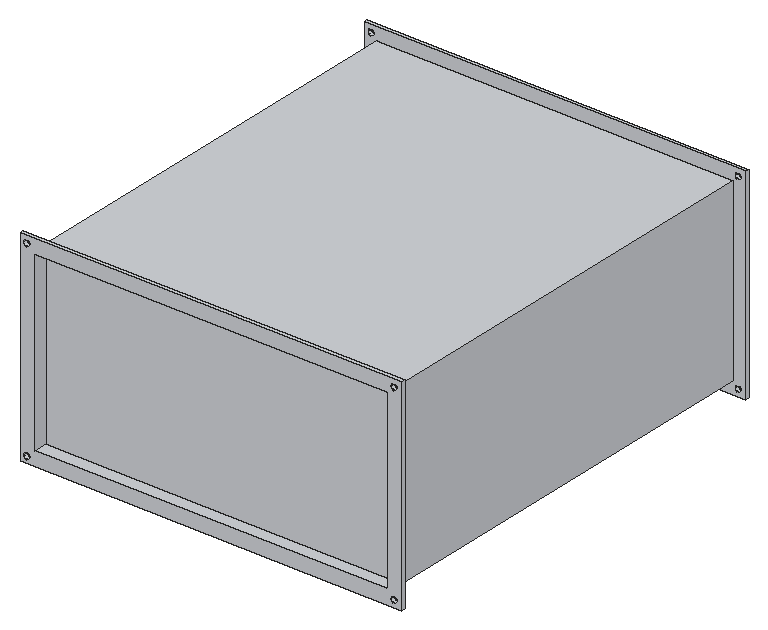
Revit family "9.Пластинчатый шумоглушитель для прямоугольных каналов SG", category Оборудование, Revit 2016
Family settings
  Тип детали = Нормальный
  Размер круглого соединителя = Использовать диаметр
  На основе рабочей плоскости = Нет
  Всегда вертикально = Да
  При загрузке вырезать с полостями = Нет
  Общий = Нет
  Точка расчета площади = Нет
Parameters (values of type "50-25/6")
  ножки(да/нет) [instance] = no
  Ширина = А  # 500 mm
  Частотный преобразователь [instance] = no
  Частота вращения n, об/мин = ""
  Тип, марка, обозначение = "SG 50-25/6"
  Теплопроизводительность, кВт = ""
  Сила тока J, А = ""
  Регулятор расхода [instance] = no
  Размер В = 520 mm
  Раздел = "ОВ"
  Примечание = ""
  Позиция = ""
  Отступ = 20 mm
  Напряжение U,В = ""
  Наименование и тех.хар-ка = "Пластинчатый шумоглушитель для прямоугольных каналов"  # constant formula
  Материал = Сталь серая
  Масса единицы = "15 кг"
  И = 614 mm
  Ж = 9 mm
  Код, оборудования = ""
  Ключевая пометка = "Вентиляция"
  Д = 540 mm
  Задание электрикам [instance] = no
  Задание автоматчикам [instance] = no
  Завод изготовитель = "KORF"  # constant formula
  Единица измерения = "шт."  # constant formula
  Г = 270 mm
  Е = 290 mm
  Высота = Б  # 250 mm
  Б = 250 mm
  А = 500 mm
  Глубина среза = 15 mm
Types (20, lengths in mm): name | Ширина | Тип, марка, обозначение | Размер В | Масса единицы | И | Ж | Д | Г | Е | Высота | Б | А
  30-15/6 | 300 | "SG 30-15/6" | 320 | "8.5 кг" | 614 | 9 | 340 | 170 | 190 | 150 | 150 | 300
  40-20/6 | 400 | "SG 40-20/6" | 420 | "10.7 кг" | 614 | 9 | 440 | 220 | 240 | 200 | 200 | 400
  50-25/6 | 500 | "SG 50-25/6" | 520 | "15 кг" | 614 | 9 | 540 | 270 | 290 | 250 | 250 | 500
  50-30/6 | 500 | "SG 50-30/6" | 520 | "15.8 кг" | 614 | 9 | 540 | 320 | 340 | 300 | 300 | 500
  60-30/6 | 600 | "SG 60-30/6" | 620 | "17.4 кг" | 614 | 9 | 640 | 320 | 340 | 300 | 300 | 600
  60-35/6 | 600 | "SG 60-35/6" | 620 | "19.2 кг" | 614 | 9 | 640 | 370 | 390 | 350 | 350 | 600
  70-40/6 | 700 | "SG 70-40/6" | 720 | "23.5 кг" | 614 | 9 | 740 | 420 | 440 | 400 | 400 | 700
  80-50/6 | 800 | "SG 80-50/6" | 820 | "27.5 кг" | 614 | 9 | 870 | 520 | 540 | 500 | 500 | 800
  90-50/6 | 900 | "SG 90-50/6" | 930 | "33 кг" | 616 | 11 | 960 | 530 | 560 | 500 | 500 | 900
  100-50/6 | 1000 | "SG 100-50/6" | 1030 | "34.4 кг" | 616 | 11 | 1060 | 530 | 560 | 500 | 500 | 1000
  30-15 | 300 | "SG 30-15" | 320 | "14.2 кг" | 1014 | 9 | 340 | 170 | 190 | 150 | 150 | 300
  40-20 | 400 | "SG 40-20" | 420 | "17.8 кг" | 1014 | 9 | 440 | 220 | 240 | 200 | 200 | 400
  50-25 | 500 | "SG 50-25" | 520 | "25 кг" | 1014 | 9 | 540 | 270 | 290 | 250 | 250 | 500
  50-30 | 500 | "SG 50-30" | 520 | "26.4 кг" | 1014 | 9 | 540 | 320 | 340 | 300 | 300 | 500
  60-30 | 600 | "SG 60-30" | 620 | "29 кг" | 1014 | 9 | 640 | 320 | 340 | 300 | 300 | 600
  60-35 | 600 | "SG 60-35" | 620 | "32 кг" | 1014 | 9 | 640 | 370 | 390 | 350 | 350 | 600
  70-40 | 700 | "SG 70-40" | 720 | "39.2 кг" | 1014 | 9 | 740 | 420 | 440 | 400 | 400 | 700
  80-50 | 800 | "SG 80-50" | 820 | "45.8 кг" | 1014 | 9 | 870 | 520 | 540 | 500 | 500 | 800
  90-50 | 900 | "SG 90-50" | 930 | "55 кг" | 1016 | 11 | 960 | 530 | 560 | 500 | 500 | 900
  100-50 | 1000 | "SG 100-50" | 1030 | "57.4 кг" | 1016 | 11 | 1060 | 530 | 560 | 500 | 500 | 1000
Reference planes
  plane 1 "По центру (Вперед/Назад)": y = 0
  plane 2: z = 0
  plane 3 "По центру (Влево/Вправо)": x = 0
  plane 4: x = -270
  plane 5: x = 270
  plane 6: z = 145
  plane 7: z = -145
  plane 8: x = -260
  plane 9: x = -250
  plane 10: x = 260
  plane 11: x = 250
  plane 12: z = 135
  plane 13: z = 125
  plane 14: z = -135
  plane 15: z = -125
  plane 16: y = 307
  plane 17: y = -307
  plane 18: y = -287
  plane 19: y = 287
Forms (mm)
  Extrusion 1, void, not visible
    sketch origin (-345, -245, 50) x (0, -1, 0) y (0, 0, -1)
      loop
        line (-477.965, -475) -> (-477.965, -450) -> (-528.913, -450) -> (-528.913, -475) -> (-477.965, -475)
    from -47.452 to 12
  Extrusion 2, solid, detail levels fine
    sketch origin (0, 0, 0) x (1, 0, 0) y (0, 0, 1)
      loop
        line (-270, 145) -> (-270, -145) -> (270, -145) -> (270, 145) -> (-270, 145)
    from -307 to 307
  Extrusion 3, void
    sketch origin (0, 0, 0) x (1, 0, 0) y (0, 0, 1)
      loop
        circle (-260, 135) r 4.5
      loop
        circle (-260, -135) r 4.5
      loop
        circle (260, -135) r 4.5
      loop
        circle (260, 135) r 4.5
    from -307 to 307
  Sweep 4, void, detail levels fine
    path in 3D
      loop
        line (-270, -307, 145) -> (-270, -307, -145) -> (270, -307, -145) -> (270, -307, 145) -> (-270, -307, 145)
    profile origin (0, -307, 145) x (0, -1, 0) y (0, 0, 1)
      loop
        line (-5, 0) -> (-609.382, 0) -> (-609.382, -18) -> (-5, -18) -> (-5, 0)
  Extrusion 5, void
    sketch origin (0, 0, 0) x (1, 0, 0) y (0, 0, 1)
      loop
        line (-250, 125) -> (-250, -125) -> (250, -125) -> (250, 125) -> (-250, 125)
    from 307 to 287
  Extrusion 6, void
    sketch origin (0, 0, 0) x (1, 0, 0) y (0, 0, -1)
      loop
        line (-250, -125) -> (250, -125) -> (250, 125) -> (-250, 125) -> (-250, -125)
    from 287 to 307
Cuts and joins
  Extrusion 3, Sweep 4, Extrusion 5, Extrusion 6 cuts Extrusion 2
Lines and regions (mm)
  sketch lines
    curve 1: line (270, -307, 145) -> (-270, -307, 145)
    curve 2: line (270, -307, -145) -> (270, -307, 145)
    curve 3: line (-270, -307, -145) -> (270, -307, -145)
    curve 4: line (-270, -307, 145) -> (-270, -307, -145)
  model lines, detail levels coarse
    curve 5: line (-270, 307, 0) -> (270, 307, 0)
    curve 6: line (-270, -307, 0) -> (-270, 307, 0)
    curve 7: line (270, -307, 0) -> (-270, -307, 0)
    curve 8: line (270, 307, 0) -> (270, -307, 0)
    curve 9: circle (0, -172.274, 0) r 95 normal (0, 0, 1)
    curve 10: line (0, -118.157, 0) -> (-60, -118.157, 0)
    curve 11: line (-60, -118.157, 0) -> (-25.585, -167.306, 0)
    curve 12: line (-25.585, -167.306, 0) -> (-25.585, -237.306, 0)
    curve 13: line (-25.585, -237.306, 0) -> (0, -237.306, 0)
    curve 14: line (0, -118.157, 0) -> (60, -118.157, 0)
    curve 15: line (60, -118.157, 0) -> (25.585, -167.306, 0)
    curve 16: line (25.585, -167.306, 0) -> (25.585, -237.306, 0)
    curve 17: line (25.585, -237.306, 0) -> (0, -237.306, 0)
    curve 27: line (-139.626, 260.741, 0) -> (-104.626, 260.741, 0)
    curve 28: line (-139.626, -58.997, 0) -> (-139.626, 260.741, 0)
    curve 29: line (-104.626, -58.997, 0) -> (-139.626, -58.997, 0)
    curve 30: line (-104.626, 260.741, 0) -> (-104.626, -58.997, 0)
    curve 31: line (-60.585, 260.741, 0) -> (-25.585, 260.741, 0)
    curve 32: line (-60.585, -58.997, 0) -> (-60.585, 260.741, 0)
    curve 33: line (-25.585, -58.997, 0) -> (-60.585, -58.997, 0)
    curve 34: line (-25.585, 260.741, 0) -> (-25.585, -58.997, 0)
    curve 35: line (18.455, 260.741, 0) -> (53.455, 260.741, 0)
    curve 36: line (18.455, -58.997, 0) -> (18.455, 260.741, 0)
    curve 37: line (53.455, -58.997, 0) -> (18.455, -58.997, 0)
    curve 38: line (53.455, 260.741, 0) -> (53.455, -58.997, 0)
    curve 39: line (97.496, 260.741, 0) -> (132.496, 260.741, 0)
    curve 40: line (97.496, -58.997, 0) -> (97.496, 260.741, 0)
    curve 41: line (132.496, -58.997, 0) -> (97.496, -58.997, 0)
    curve 42: line (132.496, 260.741, 0) -> (132.496, -58.997, 0)
  model lines, not visible, detail levels coarse
    curve 18: circle (0, -308.617, 0) r 95 normal (0, 0, 1)
    curve 19: line (0, -254.5, 0) -> (-60, -254.5, 0)
    curve 20: line (-60, -254.5, 0) -> (-25.585, -303.649, 0)
    curve 21: line (-25.585, -303.649, 0) -> (-25.585, -373.649, 0)
    curve 22: line (-25.585, -373.649, 0) -> (0, -373.649, 0)
    curve 23: line (0, -254.5, 0) -> (60, -254.5, 0)
    curve 24: line (60, -254.5, 0) -> (25.585, -303.649, 0)
    curve 25: line (25.585, -303.649, 0) -> (25.585, -373.649, 0)
    curve 26: line (25.585, -373.649, 0) -> (0, -373.649, 0)
    curve 43: line (-139.626, 260.741, 0) -> (-104.626, 260.741, 0)
    curve 44: line (-139.626, -58.997, 0) -> (-139.626, 260.741, 0)
    curve 45: line (-104.626, -58.997, 0) -> (-139.626, -58.997, 0)
    curve 46: line (-104.626, 260.741, 0) -> (-104.626, -58.997, 0)
    curve 47: line (-60.585, 260.741, 0) -> (-25.585, 260.741, 0)
    curve 48: line (-60.585, -58.997, 0) -> (-60.585, 260.741, 0)
    curve 49: line (-25.585, -58.997, 0) -> (-60.585, -58.997, 0)
    curve 50: line (-25.585, 260.741, 0) -> (-25.585, -58.997, 0)
    curve 51: line (18.455, 260.741, 0) -> (53.455, 260.741, 0)
    curve 52: line (18.455, -58.997, 0) -> (18.455, 260.741, 0)
    curve 53: line (53.455, -58.997, 0) -> (18.455, -58.997, 0)
    curve 54: line (53.455, 260.741, 0) -> (53.455, -58.997, 0)
    curve 55: line (97.496, 260.741, 0) -> (132.496, 260.741, 0)
    curve 56: line (97.496, -58.997, 0) -> (97.496, 260.741, 0)
    curve 57: line (132.496, -58.997, 0) -> (97.496, -58.997, 0)
    curve 58: line (132.496, 260.741, 0) -> (132.496, -58.997, 0)
  model lines, detail levels medium
    curve 59: line (0, 307, 145) -> (0, -307, 145)
    curve 60: line (0, 307, -145) -> (0, 307, 145)
    curve 61: line (0, -307, -145) -> (0, 307, -145)
    curve 62: line (0, -307, 145) -> (0, -307, -145)
    curve 63: circle (0, 200.144, 0) r 60 normal (1, 0, 0)
    curve 64: line (0, 168.101, 0) -> (0, 168.101, 42.724)
    curve 65: line (0, 168.101, 42.724) -> (0, 200.554, 20)
    curve 66: line (0, 200.554, 20) -> (0, 237.675, 20)
    curve 67: line (0, 237.675, 20) -> (0, 237.675, 0)
    curve 68: line (0, 168.101, 0) -> (0, 168.101, -42.724)
    curve 69: line (0, 168.101, -42.724) -> (0, 200.554, -20)
    curve 70: line (0, 200.554, -20) -> (0, 237.675, -20)
    curve 71: line (0, 237.675, -20) -> (0, 237.675, 0)
    curve 72: line (0, 110.518, 86.274) -> (0, -264.482, 86.274)
    curve 73: line (0, 110.518, 61.274) -> (0, 110.518, 86.274)
    curve 74: line (0, -264.482, 61.274) -> (0, 110.518, 61.274)
    curve 75: line (0, -264.482, 86.274) -> (0, -264.482, 61.274)
    curve 76: line (0, 110.518, 51.274) -> (0, -264.482, 51.274)
    curve 77: line (0, 110.518, 26.274) -> (0, 110.518, 51.274)
    curve 78: line (0, -264.482, 26.274) -> (0, 110.518, 26.274)
    curve 79: line (0, -264.482, 51.274) -> (0, -264.482, 26.274)
    curve 80: line (0, 110.518, 16.274) -> (0, -264.482, 16.274)
    curve 81: line (0, 110.518, -8.726) -> (0, 110.518, 16.274)
    curve 82: line (0, -264.482, -8.726) -> (0, 110.518, -8.726)
    curve 83: line (0, -264.482, 16.274) -> (0, -264.482, -8.726)
    curve 84: line (0, 110.518, -18.726) -> (0, -264.482, -18.726)
    curve 85: line (0, 110.518, -43.726) -> (0, 110.518, -18.726)
    curve 86: line (0, -264.482, -43.726) -> (0, 110.518, -43.726)
    curve 87: line (0, -264.482, -18.726) -> (0, -264.482, -43.726)
    curve 88: line (0, 110.518, -53.726) -> (0, -264.482, -53.726)
    curve 89: line (0, 110.518, -78.726) -> (0, 110.518, -53.726)
    curve 90: line (0, -264.482, -78.726) -> (0, 110.518, -78.726)
    curve 91: line (0, -264.482, -53.726) -> (0, -264.482, -78.726)
  model lines, not visible, detail levels medium
    curve 92: circle (0, 359.425, 0) r 60 normal (1, 0, 0)
    curve 93: line (0, 327.382, 0) -> (0, 327.382, 42.724)
    curve 94: line (0, 327.382, 42.724) -> (0, 359.836, 20)
    curve 95: line (0, 359.836, 20) -> (0, 396.957, 20)
    curve 96: line (0, 396.957, 20) -> (0, 396.957, 0)
    curve 97: line (0, 327.382, 0) -> (0, 327.382, -42.724)
    curve 98: line (0, 327.382, -42.724) -> (0, 359.836, -20)
    curve 99: line (0, 359.836, -20) -> (0, 396.957, -20)
    curve 100: line (0, 396.957, -20) -> (0, 396.957, 0)
    curve 101: line (0, 241.766, 85) -> (0, -133.234, 85)
    curve 102: line (0, 241.766, 60) -> (0, 241.766, 85)
    curve 103: line (0, -133.234, 60) -> (0, 241.766, 60)
    curve 104: line (0, -133.234, 85) -> (0, -133.234, 60)
    curve 105: line (0, 241.766, 50) -> (0, -133.234, 50)
    curve 106: line (0, 241.766, 25) -> (0, 241.766, 50)
    curve 107: line (0, -133.234, 25) -> (0, 241.766, 25)
    curve 108: line (0, -133.234, 50) -> (0, -133.234, 25)
    curve 109: line (0, 241.766, 15) -> (0, -133.234, 15)
    curve 110: line (0, 241.766, -10) -> (0, 241.766, 15)
    curve 111: line (0, -133.234, -10) -> (0, 241.766, -10)
    curve 112: line (0, -133.234, 15) -> (0, -133.234, -10)
    curve 113: line (0, 241.766, -20) -> (0, -133.234, -20)
    curve 114: line (0, 241.766, -45) -> (0, 241.766, -20)
    curve 115: line (0, -133.234, -45) -> (0, 241.766, -45)
    curve 116: line (0, -133.234, -20) -> (0, -133.234, -45)
    curve 117: line (0, 241.766, -55) -> (0, -133.234, -55)
    curve 118: line (0, 241.766, -80) -> (0, 241.766, -55)
    curve 119: line (0, -133.234, -80) -> (0, 241.766, -80)
    curve 120: line (0, -133.234, -55) -> (0, -133.234, -80)
Dimensions and locks
  equal spacing: plane 6, level, plane 7
  "Е": plane 6 to plane 7
  equal spacing: plane 12, level, plane 14
  "Г": plane 12 to plane 14
  equal spacing: plane 13, level, plane 15
  "Б": plane 13 to plane 15
  equal spacing: plane 5, plane 3 "По центру (Влево/Вправо)", plane 4
  "Д": plane 5 to plane 4
  equal spacing: plane 10, plane 3 "По центру (Влево/Вправо)", plane 8
  "Размер В": plane 10 to plane 8
  equal spacing: plane 9, plane 3 "По центру (Влево/Вправо)", plane 11
  "А": plane 9 to plane 11
  equal spacing: plane 16, plane 1 "По центру (Вперед/Назад)", plane 17
  "И": plane 16 to plane 17
  locked: plane 17 to Sweep 4 sketch curve at 5
  locked: Sweep 4 sketch curve to plane 16 at 4.618
  plane 6 to Sweep 4 sketch curve = 18 mm
  "Отступ": plane 16 to plane 19
  "Отступ": plane 18 to plane 17
  "Ж": diameter of Extrusion 3 sketch curve  (x4)
  aligned and locked: level to plane 2
  aligned and locked: Extrusion 2 to plane 6
  aligned and locked: Extrusion 2 to plane 4
  aligned and locked: Extrusion 2 to plane 7
  aligned and locked: Extrusion 2 to plane 5
  aligned and locked: plane 16 to Extrusion 2
  aligned and locked: Extrusion 2 to plane 17
  aligned and locked: cut or joined group of Extrusion 2, Extrusion 3, Sweep 4, Extrusion 5, Extrusion 6 to plane 17  (x2)
  aligned and locked: plane 16 to cut or joined group of Extrusion 2, Extrusion 3, Sweep 4, Extrusion 5, Extrusion 6  (x2)
  aligned and locked: cut or joined group of Extrusion 2, Extrusion 3, Sweep 4, Extrusion 5, Extrusion 6 to plane 13
  aligned and locked: plane 9 to cut or joined group of Extrusion 2, Extrusion 3, Sweep 4, Extrusion 5, Extrusion 6  (x2)
  aligned and locked: cut or joined group of Extrusion 2, Extrusion 3, Sweep 4, Extrusion 5, Extrusion 6 to plane 15
  aligned and locked: cut or joined group of Extrusion 2, Extrusion 3, Sweep 4, Extrusion 5, Extrusion 6 to plane 11  (x2)
  aligned and locked: plane 18 to cut or joined group of Extrusion 2, Extrusion 3, Sweep 4, Extrusion 5, Extrusion 6
  aligned and locked: plane 19 to cut or joined group of Extrusion 2, Extrusion 3, Sweep 4, Extrusion 5, Extrusion 6
  aligned and locked: curve 5 to cut or joined group of Extrusion 2, Extrusion 3, Sweep 4, Extrusion 5, Extrusion 6
  aligned and locked: curve 6 to cut or joined group of Extrusion 2, Extrusion 3, Sweep 4, Extrusion 5, Extrusion 6
  aligned and locked: curve 7 to cut or joined group of Extrusion 2, Extrusion 3, Sweep 4, Extrusion 5, Extrusion 6
  aligned and locked: curve 8 to cut or joined group of Extrusion 2, Extrusion 3, Sweep 4, Extrusion 5, Extrusion 6
  aligned and locked: curve 59 to cut or joined group of Extrusion 2, Extrusion 3, Sweep 4, Extrusion 5, Extrusion 6
  aligned and locked: curve 60 to cut or joined group of Extrusion 2, Extrusion 3, Sweep 4, Extrusion 5, Extrusion 6
  aligned and locked: curve 61 to cut or joined group of Extrusion 2, Extrusion 3, Sweep 4, Extrusion 5, Extrusion 6
  aligned and locked: curve 62 to cut or joined group of Extrusion 2, Extrusion 3, Sweep 4, Extrusion 5, Extrusion 6
Automatic sketch dimensions
  curve 28 to curve 29 = 35 mm
  curve 27 to curve 31 = 44.041 mm
  curve 31 to curve 31 = 35 mm
  curve 31 to curve 35 = 44.041 mm
  curve 35 to curve 35 = 35 mm
  curve 35 to curve 39 = 44.041 mm
  curve 39 to curve 39 = 35 mm
  curve 28 to curve 40 = 0 mm
  curve 38 to curve 40 = 0 mm
  curve 29 to curve 32 = 0 mm
  curve 36 to curve 35 = 319.739 mm
  curve 32 to curve 35 = 0 mm
  curve 30 to curve 31 = 0 mm
  curve 35 to curve 39 = 0 mm
  curve 44 to curve 45 = 35 mm
  curve 43 to curve 47 = 44.041 mm
  curve 47 to curve 47 = 35 mm
  curve 47 to curve 51 = 44.041 mm
  curve 51 to curve 51 = 35 mm
  curve 51 to curve 55 = 44.041 mm
  curve 55 to curve 55 = 35 mm
  curve 44 to curve 56 = 0 mm
  curve 54 to curve 56 = 0 mm
  curve 45 to curve 48 = 0 mm
  curve 52 to curve 51 = 319.739 mm
  curve 48 to curve 51 = 0 mm
  curve 46 to curve 47 = 0 mm
  curve 51 to curve 55 = 0 mm
  Extrusion 2 sketch curve to plane 4 = 0 mm
  plane 5 to Extrusion 2 sketch curve = 0 mm
  Extrusion 2 sketch curve to plane 7 = 0 mm
  Extrusion 2 sketch curve to plane 6 = 0 mm
  Sweep 4 sketch curve to profile plane = 0 mm
  plane 9 to Extrusion 5 sketch curve = 0 mm
  plane 11 to Extrusion 5 sketch curve = 0 mm
  Extrusion 5 sketch curve to plane 15 = 0 mm
  Extrusion 5 sketch curve to plane 13 = 0 mm
  plane 9 to Extrusion 6 sketch curve = 0 mm
  plane 11 to Extrusion 6 sketch curve = 0 mm
  Extrusion 6 sketch curve to plane 13 = 0 mm
  Extrusion 6 sketch curve to plane 15 = 0 mm
  Extrusion 3 sketch curve to plane 8 = 0 mm  (x2)
  Extrusion 3 sketch curve to plane 10 = 0 mm  (x2)
  Extrusion 3 sketch curve to plane 14 = 0 mm  (x2)
  Extrusion 3 sketch curve to plane 12 = 0 mm  (x2)
Nested families
  nested 1: "крепление 15мм" at (-330, 229.965, 495), type "крепление 15мм", not visible
Connectors
  hvac at (0, -307, 0), driven by "Высота", driven by "Ширина"
    settings: on cut or joined group of Extrusion 2, Extrusion 3, Sweep 4, Extrusion 5, Extrusion 6, index 1, duct flow 0.0 L/s, flow factor 0, pres drop 0.0 Pa, loss coef 0, conn angle 0.00°, conn width 500 mm, conn height 250 mm, conn diameter 609.6 mm, duct sys type 28, conn prof type 1, flow config 0, flow direction 0, loss method 0, conn ref index 2, conn util no, is conn primary yes, conn desc ""
  hvac at (0, 307, 0), driven by "Высота", driven by "Ширина"
    settings: on cut or joined group of Extrusion 2, Extrusion 3, Sweep 4, Extrusion 5, Extrusion 6, index 2, duct flow 0.0 L/s, flow factor 0, pres drop 0.0 Pa, loss coef 0, conn angle 0.00°, conn width 500 mm, conn height 250 mm, conn diameter 609.6 mm, duct sys type 28, conn prof type 1, flow config 0, flow direction 0, loss method 0, conn ref index 1, conn util no, is conn primary no, conn desc ""
Definition of nested family "крепление 15мм"
  Parameters (values of type "крепление 15мм")
    Материал крепления = none
  Reference planes
    plane 1 "По центру (Вперед/Назад)": y = 0
    plane 2: z = 0
    plane 3 "По центру (Влево/Вправо)": x = 0
  Forms (mm)
    Extrusion 1, solid, material <- "Материал крепления"
      sketch origin (0, 0, 0) x (1, 0, 0) y (0, 1, 0)
        loop
          line (-25, 0) -> (0, 0) -> (0, 18.31) -> (0, 25) -> (-3, 25) -> (-3, 3) -> (-25, 3) -> (-25, 0)
      from 0 to 30
    Extrusion 2, void
      sketch origin (0, 0, 0) x (1, 0, 0) y (0, 1, 0)
        loop
          line (-3, 3) -> (-3, 54.96) -> (-58, 54.96) -> (-58, 3) -> (-3, 3)
      from 0 to 15
  Cuts and joins
    Extrusion 2 cuts Extrusion 1
  Dimensions and locks
    Extrusion 1 sketch curve to Extrusion 1 sketch curve = 3 mm  (x2)
    Extrusion 1 sketch curve to Extrusion 1 sketch curve to plane 3 "По центру (Влево/Вправо)" = 25 mm, 0 mm
    Extrusion 1 sketch curve to Extrusion 1 sketch curve = 25 mm
    aligned and locked: level to plane 2
